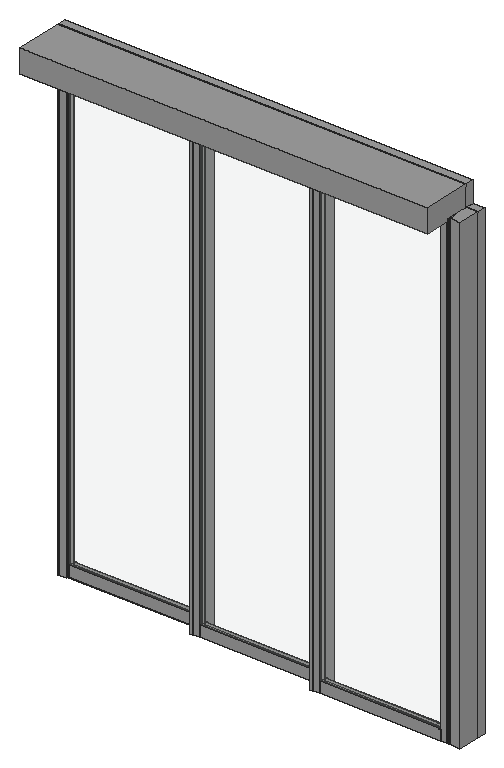
Revit family "agtatec_Record_SldngDrset_E-TSA-Telescopic_Standalone", category Doors, Revit 2015 (continued)
Definition of nested family "Interlacing profile - Outer"
  Automatic sketch dimensions
    curve 1 to plane 1 "Center (Front/Back)" = 10.00 mm
    curve 3 to curve 1 = 33.00 mm
    plane 6 to curve 3 = 5.00 mm
    Extrusion 2 sketch curve to plane 3 "Center (Left/Right)" = 0.00 mm
    plane 7 to Extrusion 2 sketch curve = 5.00 mm
    plane 6 to Extrusion 2 sketch curve = 5.00 mm
    Extrusion 2 sketch curve to plane 1 "Center (Front/Back)" = 43.00 mm
    Extrusion 3 sketch curve to plane 6 = 0.00 mm
    plane 7 to Extrusion 3 sketch curve = 5.00 mm
    Extrusion 3 sketch curve to Extrusion 3 sketch curve = 1.70 mm
    Extrusion 3 sketch curve to plane 7 = 12.00 mm
    Extrusion 3 sketch curve to plane 1 "Center (Front/Back)" = 10.00 mm
    Extrusion 3 sketch curve to Extrusion 3 sketch curve = 22.00 mm
    plane 6 to Masking region 2 sketch curve = 0.00 mm
    plane 7 to Masking region 2 sketch curve = 5.00 mm
    plane 3 "Center (Left/Right)" to Masking region 2 sketch curve = 72.00 mm
    Masking region 2 sketch curve to Masking region 2 sketch curve = 32.00 mm
    Masking region 2 sketch curve to Masking region 2 sketch curve = 5.00 mm
    Masking region 2 sketch curve to plane 1 "Center (Front/Back)" = 43.00 mm
    Masking region 3 sketch curve to plane 6 = 0.00 mm
    plane 7 to Masking region 3 sketch curve = 5.00 mm
    plane 7 to Masking region 3 sketch curve = 3.30 mm
    Masking region 3 sketch curve to plane 7 = 12.00 mm
    Masking region 3 sketch curve to plane 1 "Center (Front/Back)" = 10.00 mm
    Masking region 3 sketch curve to Masking region 3 sketch curve = 22.00 mm
    Extrusion 4 sketch curve to plane 3 "Center (Left/Right)" = 0.00 mm
    Extrusion 4 sketch curve to plane 6 = 5.00 mm
    Extrusion 4 sketch curve to plane 3 "Center (Left/Right)" = 104.00 mm
    plane 1 "Center (Front/Back)" to Extrusion 4 sketch curve = 43.00 mm
    plane 6 to Extrusion 5 sketch curve = 0.00 mm
    plane 3 "Center (Left/Right)" to Extrusion 5 sketch curve = 104.00 mm
    plane 6 to Extrusion 5 sketch curve = 5.00 mm
    Extrusion 5 sketch curve to Extrusion 5 sketch curve = 32.00 mm
    Extrusion 6 sketch curve to plane 6 = 0.00 mm
    plane 7 to Extrusion 6 sketch curve = 5.00 mm
    plane 7 to Extrusion 6 sketch curve = 1.50 mm
    plane 3 "Center (Left/Right)" to Extrusion 6 sketch curve = 4.45 mm
    plane 3 "Center (Left/Right)" to Extrusion 6 sketch curve = 17.00 mm
    Extrusion 6 sketch curve to plane 1 "Center (Front/Back)" = 7.50 mm
    Extrusion 6 sketch curve to plane 1 "Center (Front/Back)" = 10.00 mm
    Extrusion 6 sketch curve to Extrusion 6 sketch curve = 24.50 mm
    Masking region 4 sketch curve to plane 6 = 0.00 mm
    plane 7 to Masking region 4 sketch curve = 5.00 mm
    plane 7 to Masking region 4 sketch curve = 1.50 mm
    plane 3 "Center (Left/Right)" to Masking region 4 sketch curve = 4.45 mm
    plane 3 "Center (Left/Right)" to Masking region 4 sketch curve = 17.00 mm
    Masking region 4 sketch curve to plane 1 "Center (Front/Back)" = 7.50 mm
    Masking region 4 sketch curve to Masking region 4 sketch curve = 2.50 mm
    Masking region 4 sketch curve to Masking region 4 sketch curve = 24.50 mm
    plane 6 to Masking region 5 sketch curve = 0.00 mm
    plane 6 to Masking region 5 sketch curve = 5.00 mm
    plane 7 to Masking region 5 sketch curve = 5.00 mm
    plane 3 "Center (Left/Right)" to Masking region 5 sketch curve = 35.00 mm
    Masking region 5 sketch curve to Masking region 5 sketch curve = 32.00 mm
    Masking region 5 sketch curve to plane 1 "Center (Front/Back)" = 43.00 mm
    Extrusion 7 sketch curve to plane 3 "Center (Left/Right)" = 67.00 mm
    Extrusion 7 sketch curve to plane 7 = 5.00 mm
    Extrusion 7 sketch curve to plane 6 = 5.00 mm
    plane 1 "Center (Front/Back)" to Extrusion 7 sketch curve = 43.00 mm
    plane 6 to Extrusion 8 sketch curve = 0.00 mm
    plane 3 "Center (Left/Right)" to Extrusion 8 sketch curve = 67.00 mm
    plane 6 to Extrusion 8 sketch curve = 5.00 mm
    Extrusion 8 sketch curve to Extrusion 8 sketch curve = 32.00 mm
Definition of nested family "Interlacing profile - Inner"
  Parameters
    Wall Mounting Option 2 = no
    Side Panel = yes
    Panel Frames = none
    Interlancing Profile Height = 2195.00 mm
    Interlacing profile 5 = and(Wall Mounting Option 2, not(Side Panel))  # no
    Interlacing profile 4 = and(not(Wall Mounting Option 2), not(Side Panel))  # no
    Interlacing profile 1 = Side Panel  # yes
  Reference planes
    plane 1 "Center (Front/Back)": y = 0
    plane 2: z = 0
    plane 3 "Center (Left/Right)": x = 0
    plane 4: z = 2195
    plane 5 "Above": z = 40
    plane 6: y = -12
    plane 7: x = -32
  Forms (mm)
    Extrusion 1, solid, material <- "Panel Frames", visible <- "Interlacing profile 1"
      sketch origin (0, 0, 0) x (1, 0, 0) y (0, 1, 0)
        loop
          line (0, 0) -> (-32, 0) -> (-32, -12) -> (17, -12) -> (17, 10) -> (0, 10) -> (0, 0)
      from 0 to 2195
    Extrusion 2, solid, material <- "Panel Frames", visible <- "Interlacing profile 4"
      sketch origin (0, 0, 0) x (1, 0, 0) y (0, 1, 0)
        loop
          line (0, 0) -> (-32, 0) -> (-32, -12) -> (49, -12) -> (49, -10) -> (12, -10) -> (12, 10) -> (0, 10) -> (0, 0)
      from 0 to 2195
    Extrusion 3, solid, material <- "Panel Frames", visible <- "Interlacing profile 5"
      sketch origin (0, 0, 0) x (1, 0, 0) y (0, 1, 0)
        loop
          line (0, 0) -> (-32, 0) -> (-32, -12) -> (12, -12) -> (12, 10) -> (0, 10) -> (0, 0)
      from 0 to 2195
  Lines and regions (mm)
    Masking region 1, visible <- "Interlacing profile 1"
      outline origin (0, 0, 0) x (1, 0, 0) y (0, 1, 0)
        loop
          line (0, 10) -> (0, 0) -> (-32, 0) -> (-32, -12) -> (17, -12) -> (17, 10) -> (0, 10)
    Masking region 2, visible <- "Interlacing profile 4"
      outline origin (0, 0, 0) x (1, 0, 0) y (0, 1, 0)
        loop
          line (0, 0) -> (-32, 0) -> (-32, -12) -> (49, -12) -> (49, -10) -> (12, -10) -> (12, 10) -> (0, 10) -> (0, 0)
    Masking region 3, visible <- "Interlacing profile 5"
      outline origin (0, 0, 0) x (1, 0, 0) y (0, 1, 0)
        loop
          line (12, -12) -> (12, 10) -> (0, 10) -> (0, 0) -> (-32, 0) -> (-32, -12) -> (12, -12)
    symbolic lines, detail levels medium+fine
      curve 1: line (0, 10, 40) -> (0, 0, 40)
      curve 2: line (0, 0, 40) -> (-32, 0, 40)
  Dimensions and locks
    "Interlancing Profile Height": plane 4 to level
    aligned and locked: plane 4 to Extrusion 1
    aligned and locked: Extrusion 1 to plane 6
    aligned and locked: plane 4 to Extrusion 2
    aligned and locked: plane 4 to Extrusion 3
  Automatic sketch dimensions
    plane 1 "Center (Front/Back)" to Extrusion 1 sketch curve = 0.00 mm
    Extrusion 1 sketch curve to plane 3 "Center (Left/Right)" = 0.00 mm
    plane 1 "Center (Front/Back)" to Extrusion 1 sketch curve = 12.00 mm
    Extrusion 1 sketch curve to plane 3 "Center (Left/Right)" = 32.00 mm
    plane 3 "Center (Left/Right)" to Extrusion 1 sketch curve = 17.00 mm
    Extrusion 1 sketch curve to plane 1 "Center (Front/Back)" = 10.00 mm
    plane 1 "Center (Front/Back)" to Masking region 1 sketch curve = 0.00 mm
    Masking region 1 sketch curve to plane 3 "Center (Left/Right)" = 0.00 mm
    plane 1 "Center (Front/Back)" to Masking region 1 sketch curve = 12.00 mm
    Masking region 1 sketch curve to plane 3 "Center (Left/Right)" = 32.00 mm
    Masking region 1 sketch curve to Masking region 1 sketch curve = 17.00 mm
    Masking region 1 sketch curve to Masking region 1 sketch curve = 10.00 mm
    plane 1 "Center (Front/Back)" to Extrusion 2 sketch curve = 0.00 mm
    Extrusion 2 sketch curve to plane 3 "Center (Left/Right)" = 0.00 mm
    plane 6 to Extrusion 2 sketch curve = 0.00 mm
    Extrusion 2 sketch curve to plane 3 "Center (Left/Right)" = 32.00 mm
    plane 3 "Center (Left/Right)" to Extrusion 2 sketch curve = 12.00 mm
    plane 6 to Extrusion 2 sketch curve = 2.00 mm
    Extrusion 2 sketch curve to Extrusion 2 sketch curve = 37.00 mm
    Extrusion 2 sketch curve to plane 1 "Center (Front/Back)" = 10.00 mm
    Extrusion 3 sketch curve to plane 6 = 0.00 mm
    plane 1 "Center (Front/Back)" to Extrusion 3 sketch curve = 0.00 mm
    Extrusion 3 sketch curve to plane 3 "Center (Left/Right)" = 0.00 mm
    Extrusion 3 sketch curve to plane 3 "Center (Left/Right)" = 32.00 mm
    Extrusion 3 sketch curve to Extrusion 3 sketch curve = 12.00 mm
    Extrusion 3 sketch curve to plane 1 "Center (Front/Back)" = 10.00 mm
    Masking region 2 sketch curve to plane 6 = 0.00 mm
    plane 1 "Center (Front/Back)" to Masking region 2 sketch curve = 0.00 mm
    Masking region 2 sketch curve to plane 3 "Center (Left/Right)" = 0.00 mm
    Masking region 2 sketch curve to plane 3 "Center (Left/Right)" = 32.00 mm
    plane 3 "Center (Left/Right)" to Masking region 2 sketch curve = 12.00 mm
    Masking region 2 sketch curve to Masking region 2 sketch curve = 37.00 mm
    plane 6 to Masking region 2 sketch curve = 2.00 mm
    Masking region 2 sketch curve to plane 1 "Center (Front/Back)" = 10.00 mm
    plane 1 "Center (Front/Back)" to Masking region 3 sketch curve = 0.00 mm
    Masking region 3 sketch curve to plane 6 = 0.00 mm
    Masking region 3 sketch curve to plane 3 "Center (Left/Right)" = 0.00 mm
    Masking region 3 sketch curve to plane 3 "Center (Left/Right)" = 32.00 mm
    plane 3 "Center (Left/Right)" to Masking region 3 sketch curve = 12.00 mm
    Masking region 3 sketch curve to plane 1 "Center (Front/Back)" = 10.00 mm
    plane 1 "Center (Front/Back)" to curve 1 = 0.00 mm
    curve 1 to plane 3 "Center (Left/Right)" = 0.00 mm
    curve 2 to plane 3 "Center (Left/Right)" = 32.00 mm
    curve 1 to plane 1 "Center (Front/Back)" = 10.00 mm
Types (13, lengths in mm): name | Without side panels | Wall Opening Width | Wall Mounting Right | Wall Mounting Left | TotalWidth | TotalHeight | Support Length Right | Support Length Left | Right Profile | Right Panel | Right | Left Profile | Left Panel | Left | InterlancingProfileRight | InterlancingProfileLeft | Width | Rough Width | Rough Height | NominalWidth | NominalHeight | Height | DriveUnitHeight | ClearanceZoneRight | ClearanceZoneLeft | Cladding void | CenterOfDoor
  (no name) | no | 1900.00 | no | yes | 1955.00 | 2295.00 | 600.00 | 1300.00 | no | no | no | yes | yes | yes | no | no | 1955.00 | 1961.00 | 2301.00 | 1955.00 | 2295.00 | 2295.00 | 108.00 | 1005.00 | 966.00 | 35.00 | 1650.00
  E-TSA-L 150 mm drive unit height - left - with side panel | no | 1900.00 | no | yes | 1955.00 | 2337.00 | 600.00 | 1300.00 | no | no | no | yes | yes | yes | no | no | 1955.00 | 1961.00 | 2343.00 | 1955.00 | 2337.00 | 2337.00 | 150.00 | 1005.00 | 966.00 | 35.00 | 1650.00
  E-TSA-R 150 mm drive unit height - right - without side panel | yes | 1200.00 | no | no | 1299.00 | 2337.00 | 1300.00 | 600.00 | no | no | yes | no | no | no | yes | no | 1299.00 | 1305.00 | 2343.00 | 1299.00 | 2337.00 | 2337.00 | 150.00 | 950.00 | 1005.00 | 3.00 | 950.00
  E-TSA-R 150 mm drive unit height - right - with side panel | no | 1900.00 | yes | no | 1955.00 | 2337.00 | 1300.00 | 600.00 | yes | yes | yes | no | no | no | no | no | 1955.00 | 1961.00 | 2343.00 | 1955.00 | 2337.00 | 2337.00 | 150.00 | 966.00 | 1005.00 | 35.00 | 950.00
  E-TSA-L 150 mm drive unit height - left - without side panel | yes | 1200.00 | no | no | 1299.00 | 2337.00 | 600.00 | 1300.00 | no | no | no | no | no | yes | no | yes | 1299.00 | 1305.00 | 2343.00 | 1299.00 | 2337.00 | 2337.00 | 150.00 | 1005.00 | 950.00 | 3.00 | 1650.00
  E-TSA-L 200 mm drive unit height - left - with side panel | no | 1900.00 | no | yes | 1955.00 | 2387.00 | 600.00 | 1300.00 | no | no | no | yes | yes | yes | no | no | 1955.00 | 1961.00 | 2393.00 | 1955.00 | 2387.00 | 2387.00 | 200.00 | 1005.00 | 966.00 | 35.00 | 1650.00
  E-TSA-L 200 mm drive unit height - left - without side panel | yes | 1200.00 | no | no | 1299.00 | 2387.00 | 600.00 | 1300.00 | no | no | no | no | no | yes | no | yes | 1299.00 | 1305.00 | 2393.00 | 1299.00 | 2387.00 | 2387.00 | 200.00 | 1005.00 | 950.00 | 3.00 | 1650.00
  E-TSA-R 200 mm drive unit height - right - with side panel | no | 1900.00 | yes | no | 1955.00 | 2387.00 | 1300.00 | 600.00 | yes | yes | yes | no | no | no | no | no | 1955.00 | 1961.00 | 2393.00 | 1955.00 | 2387.00 | 2387.00 | 200.00 | 966.00 | 1005.00 | 35.00 | 950.00
  E-TSA-R 200 mm drive unit height - right - without side panel | yes | 1200.00 | no | no | 1299.00 | 2387.00 | 1300.00 | 600.00 | no | no | yes | no | no | no | yes | no | 1299.00 | 1305.00 | 2393.00 | 1299.00 | 2387.00 | 2387.00 | 200.00 | 950.00 | 1005.00 | 3.00 | 950.00
  E-TSA-L 108 mm drive unit height - left - with side panel | no | 1900.00 | no | yes | 1955.00 | 2295.00 | 600.00 | 1300.00 | no | no | no | yes | yes | yes | no | no | 1955.00 | 1961.00 | 2301.00 | 1955.00 | 2295.00 | 2295.00 | 108.00 | 1005.00 | 966.00 | 35.00 | 1650.00
  E-TSA-L 108 mm drive unit height - left - without side panel | yes | 1200.00 | no | no | 1299.00 | 2295.00 | 600.00 | 1300.00 | no | no | no | no | no | yes | no | yes | 1299.00 | 1305.00 | 2301.00 | 1299.00 | 2295.00 | 2295.00 | 108.00 | 1005.00 | 950.00 | 3.00 | 1650.00
  E-TSA-R 108 mm drive unit height - right - with side panel | no | 1900.00 | yes | no | 1955.00 | 2295.00 | 1300.00 | 600.00 | yes | yes | yes | no | no | no | no | no | 1955.00 | 1961.00 | 2301.00 | 1955.00 | 2295.00 | 2295.00 | 108.00 | 966.00 | 1005.00 | 35.00 | 950.00
  E-TSA-R 108 mm drive unit height - right - without side panel | yes | 1200.00 | no | no | 1299.00 | 2295.00 | 1300.00 | 600.00 | no | no | yes | no | no | no | yes | no | 1299.00 | 1305.00 | 2301.00 | 1299.00 | 2295.00 | 2295.00 | 108.00 | 950.00 | 1005.00 | 3.00 | 950.00
